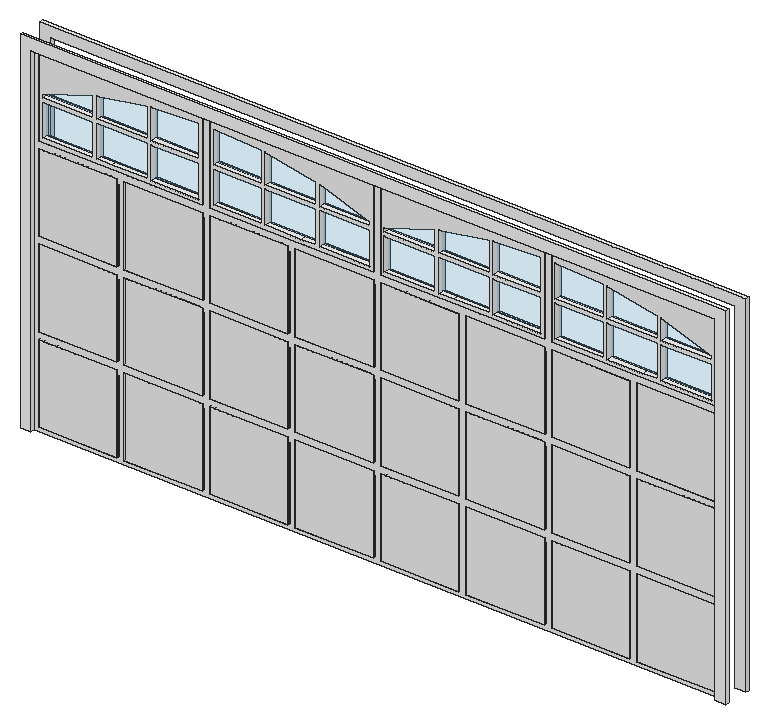
Revit family (continued)
Forms (in)
  Extrusion 164, solid, material "Paint - White"
    sketch origin (-72, 0, 6) x (1, 0, 0) y (0, 0, 1)
      loop
        line (95, 65) -> (73, 65) -> (73, 43) -> (95, 43) -> (95, 65)
    from 2 to 2.5
  Extrusion 165, solid, material "Paint - White"
    sketch origin (-72, -0.5, 6) x (-1, 0, 0) y (0, 0, 1)
      loop
        line (-94, 64) -> (-94, 44) -> (-90.75, 44) -> (-90.75, 64) -> (-94, 64)
      loop
        line (-89.75, 64) -> (-89.75, 44) -> (-86.5, 44) -> (-86.5, 64) -> (-89.75, 64)
      loop
        line (-85.5, 64) -> (-85.5, 44) -> (-82.25, 44) -> (-82.25, 64) -> (-85.5, 64)
      loop
        line (-81.25, 64) -> (-81.25, 44) -> (-78, 44) -> (-78, 64) -> (-81.25, 64)
      loop
        line (-77, 64) -> (-77, 44) -> (-73.87641, 44) -> (-73.87641, 64) -> (-77, 64)
    from 0 to 0.25
  Extrusion 166, solid, material "Paint - White"
    sketch origin (-48, 0, 6) x (1, 0, 0) y (0, 0, 1)
      loop
        line (95, 65) -> (73, 65) -> (73, 43) -> (95, 43) -> (95, 65)
    from 2 to 2.5
  Extrusion 167, solid, material "Paint - White"
    sketch origin (-48, 0, 6) x (1, 0, 0) y (0, 0, 1)
      loop
        line (95, 65) -> (73, 65) -> (73, 43) -> (95, 43) -> (95, 65)
    from 2 to 2.5
  Extrusion 168, solid, material "Paint - White"
    sketch origin (-48, 0, 6) x (1, 0, 0) y (0, 0, 1)
      loop
        line (95, 65) -> (73, 65) -> (73, 43) -> (95, 43) -> (95, 65)
    from 2 to 2.5
  Extrusion 169, solid, material "Paint - White"
    sketch origin (-48, 0, 6) x (1, 0, 0) y (0, 0, 1)
      loop
        line (95, 65) -> (73, 65) -> (73, 43) -> (95, 43) -> (95, 65)
    from 2 to 2.5
  Blend 170, solid, material "Paint - White"
    base sketch origin (-48, 0, 6) x (1, 0, 0) y (0, 0, 1)
      loop
        line (95, 65) -> (73, 65) -> (73, 43) -> (95, 43) -> (95, 65)
    top sketch origin (-48, 0, 6) x (1, 0, 0) y (0, 0, 1)
      loop
        line (94, 64) -> (73.87641, 64) -> (73.87641, 44) -> (94, 44) -> (94, 64)
    from 2 to 0.5
  Extrusion 171, solid, material "Paint - White"
    sketch origin (-48, 0, 6) x (1, 0, 0) y (0, 0, 1)
      loop
        line (95, 65) -> (73, 65) -> (73, 43) -> (95, 43) -> (95, 65)
    from 2 to 2.5
  Extrusion 172, solid, material "Paint - White"
    sketch origin (-48, -0.5, 6) x (-1, 0, 0) y (0, 0, 1)
      loop
        line (-94, 64) -> (-94, 44) -> (-90.75, 44) -> (-90.75, 64) -> (-94, 64)
      loop
        line (-89.75, 64) -> (-89.75, 44) -> (-86.5, 44) -> (-86.5, 64) -> (-89.75, 64)
      loop
        line (-85.5, 64) -> (-85.5, 44) -> (-82.25, 44) -> (-82.25, 64) -> (-85.5, 64)
      loop
        line (-81.25, 64) -> (-81.25, 44) -> (-78, 44) -> (-78, 64) -> (-81.25, 64)
      loop
        line (-77, 64) -> (-77, 44) -> (-73.87641, 44) -> (-73.87641, 64) -> (-77, 64)
    from 0 to 0.25
  Extrusion 173, solid, material "Paint - White"
    sketch origin (-24, 0, 6) x (1, 0, 0) y (0, 0, 1)
      loop
        line (95, 65) -> (73, 65) -> (73, 43) -> (95, 43) -> (95, 65)
    from 2 to 2.5
  Extrusion 174, solid, material "Paint - White"
    sketch origin (-24, 0, 6) x (1, 0, 0) y (0, 0, 1)
      loop
        line (95, 65) -> (73, 65) -> (73, 43) -> (95, 43) -> (95, 65)
    from 2 to 2.5
  Extrusion 175, solid, material "Paint - White"
    sketch origin (-24, 0, 6) x (1, 0, 0) y (0, 0, 1)
      loop
        line (95, 65) -> (73, 65) -> (73, 43) -> (95, 43) -> (95, 65)
    from 2 to 2.5
  Extrusion 176, solid, material "Paint - White"
    sketch origin (-24, 0, 6) x (1, 0, 0) y (0, 0, 1)
      loop
        line (95, 65) -> (73, 65) -> (73, 43) -> (95, 43) -> (95, 65)
    from 2 to 2.5
  Blend 177, solid, material "Paint - White"
    base sketch origin (-24, 0, 6) x (1, 0, 0) y (0, 0, 1)
      loop
        line (95, 65) -> (73, 65) -> (73, 43) -> (95, 43) -> (95, 65)
    top sketch origin (-24, 0, 6) x (1, 0, 0) y (0, 0, 1)
      loop
        line (94, 64) -> (73.87641, 64) -> (73.87641, 44) -> (94, 44) -> (94, 64)
    from 2 to 0.5
  Extrusion 178, solid, material "Paint - White"
    sketch origin (-24, 0, 6) x (1, 0, 0) y (0, 0, 1)
      loop
        line (95, 65) -> (73, 65) -> (73, 43) -> (95, 43) -> (95, 65)
    from 2 to 2.5
  Extrusion 179, solid, material "Paint - White"
    sketch origin (-24, -0.5, 6) x (-1, 0, 0) y (0, 0, 1)
      loop
        line (-94, 64) -> (-94, 44) -> (-90.75, 44) -> (-90.75, 64) -> (-94, 64)
      loop
        line (-89.75, 64) -> (-89.75, 44) -> (-86.5, 44) -> (-86.5, 64) -> (-89.75, 64)
      loop
        line (-85.5, 64) -> (-85.5, 44) -> (-82.25, 44) -> (-82.25, 64) -> (-85.5, 64)
      loop
        line (-81.25, 64) -> (-81.25, 44) -> (-78, 44) -> (-78, 64) -> (-81.25, 64)
      loop
        line (-77, 64) -> (-77, 44) -> (-73.87641, 44) -> (-73.87641, 64) -> (-77, 64)
    from 0 to 0.25
  Extrusion 180, solid, material "Paint - White"
    sketch origin (0, 0, 6) x (1, 0, 0) y (0, 0, 1)
      loop
        line (95, 65) -> (73, 65) -> (73, 43) -> (95, 43) -> (95, 65)
    from 2 to 2.5
  Extrusion 181, solid, material "Paint - White"
    sketch origin (0, 0, 6) x (1, 0, 0) y (0, 0, 1)
      loop
        line (95, 65) -> (73, 65) -> (73, 43) -> (95, 43) -> (95, 65)
    from 2 to 2.5
  Extrusion 182, solid, material "Paint - White"
    sketch origin (0, 0, 6) x (1, 0, 0) y (0, 0, 1)
      loop
        line (95, 65) -> (73, 65) -> (73, 43) -> (95, 43) -> (95, 65)
    from 2 to 2.5
  Extrusion 183, solid, material "Paint - White"
    sketch origin (0, 0, 6) x (1, 0, 0) y (0, 0, 1)
      loop
        line (95, 65) -> (73, 65) -> (73, 43) -> (95, 43) -> (95, 65)
    from 2 to 2.5
  Blend 184, solid, material "Paint - White"
    base sketch origin (0, 0, 6) x (1, 0, 0) y (0, 0, 1)
      loop
        line (95, 65) -> (73, 65) -> (73, 43) -> (95, 43) -> (95, 65)
    top sketch origin (0, 0, 6) x (1, 0, 0) y (0, 0, 1)
      loop
        line (94, 64) -> (73.87641, 64) -> (73.87641, 44) -> (94, 44) -> (94, 64)
    from 2 to 0.5
  Extrusion 185, solid, material "Paint - White"
    sketch origin (0, 0, 6) x (1, 0, 0) y (0, 0, 1)
      loop
        line (95, 65) -> (73, 65) -> (73, 43) -> (95, 43) -> (95, 65)
    from 2 to 2.5
  Extrusion 186, solid, material "Paint - White"
    sketch origin (0, -0.5, 6) x (-1, 0, 0) y (0, 0, 1)
      loop
        line (-94, 64) -> (-94, 44) -> (-90.75, 44) -> (-90.75, 64) -> (-94, 64)
      loop
        line (-89.75, 64) -> (-89.75, 44) -> (-86.5, 44) -> (-86.5, 64) -> (-89.75, 64)
      loop
        line (-85.5, 64) -> (-85.5, 44) -> (-82.25, 44) -> (-82.25, 64) -> (-85.5, 64)
      loop
        line (-81.25, 64) -> (-81.25, 44) -> (-78, 44) -> (-78, 64) -> (-81.25, 64)
      loop
        line (-77, 64) -> (-77, 44) -> (-73.87641, 44) -> (-73.87641, 64) -> (-77, 64)
    from 0 to 0.25
  Extrusion 187, solid, material "Glass"
    sketch origin (48, 0, -3) x (-1, 0, 0) y (0, 0, -1)
      loop
        line (94, -77) -> (80.5, -77) -> (80.5, -86.125) -> (94, -86.125) -> (94, -77)
      loop
        line (64.25, -77) -> (50, -77) -> (50, -86.125) -> (64.25, -86.125) -> (64.25, -77)
      loop
        line (79.5, -77) -> (65.25, -77) -> (65.25, -86.125) -> (79.5, -86.125) -> (79.5, -77)
      loop
        line (94, -87.125) -> (80.5, -87.125) -> (80.5, -95.68219)
        arc (80.5, -95.68219) -> (87.24144, -96.16961) -> (94, -96.25) r 112.13859
        line (94, -96.25) -> (94, -87.125)
      loop
        line (64.25, -87.125) -> (50, -87.125) -> (50, -88.125)
        arc (50, -88.125) -> (57.04689, -90.6973) -> (64.25, -92.79269) r 112.13859
        line (64.25, -92.79269) -> (64.25, -87.125)
      loop
        line (79.5, -87.125) -> (65.25, -87.125) -> (65.25, -93.04276)
        arc (65.25, -93.04276) -> (72.3341, -94.53901) -> (79.5, -95.57498) r 112.13859
        line (79.5, -95.57498) -> (79.5, -87.125)
    from 1 to 1.25
  Extrusion 188, solid, material "Glass"
    sketch origin (-48, 0, -3) x (1, 0, 0) y (0, 0, 1)
      loop
        line (94, 77) -> (94, 86.125) -> (80.5, 86.125) -> (80.5, 77) -> (94, 77)
      loop
        line (64.25, 77) -> (64.25, 86.125) -> (50, 86.125) -> (50, 77) -> (64.25, 77)
      loop
        line (79.5, 77) -> (79.5, 86.125) -> (65.25, 86.125) -> (65.25, 77) -> (79.5, 77)
      loop
        line (94, 87.125) -> (94, 96.25)
        arc (94, 96.25) -> (87.24144, 96.16961) -> (80.5, 95.68219) r 112.13859
        line (80.5, 95.68219) -> (80.5, 87.125) -> (94, 87.125)
      loop
        line (64.25, 87.125) -> (64.25, 92.79269)
        arc (64.25, 92.79269) -> (57.04689, 90.6973) -> (50, 88.125) r 112.13859
        line (50, 88.125) -> (50, 87.125) -> (64.25, 87.125)
      loop
        line (79.5, 87.125) -> (79.5, 95.57498)
        arc (79.5, 95.57498) -> (72.3341, 94.53901) -> (65.25, 93.04276) r 112.13859
        line (65.25, 93.04276) -> (65.25, 87.125) -> (79.5, 87.125)
    from 1 to 1.25
  Extrusion 189, solid, material "Glass"
    sketch origin (144, 0, -3) x (-1, 0, 0) y (0, 0, -1)
      loop
        line (94, -77) -> (80.5, -77) -> (80.5, -86.125) -> (94, -86.125) -> (94, -77)
      loop
        line (64.25, -77) -> (50, -77) -> (50, -86.125) -> (64.25, -86.125) -> (64.25, -77)
      loop
        line (79.5, -77) -> (65.25, -77) -> (65.25, -86.125) -> (79.5, -86.125) -> (79.5, -77)
      loop
        line (94, -87.125) -> (80.5, -87.125) -> (80.5, -95.68219)
        arc (80.5, -95.68219) -> (87.24144, -96.16961) -> (94, -96.25) r 112.13859
        line (94, -96.25) -> (94, -87.125)
      loop
        line (64.25, -87.125) -> (50, -87.125) -> (50, -88.125)
        arc (50, -88.125) -> (57.04689, -90.6973) -> (64.25, -92.79269) r 112.13859
        line (64.25, -92.79269) -> (64.25, -87.125)
      loop
        line (79.5, -87.125) -> (65.25, -87.125) -> (65.25, -93.04276)
        arc (65.25, -93.04276) -> (72.3341, -94.53901) -> (79.5, -95.57498) r 112.13859
        line (79.5, -95.57498) -> (79.5, -87.125)
    from 1 to 1.25
Lines and regions (in)
  Opening 1
    outline origin (-90, -3, 0) x (1, 0, 0) y (0, 0, 1)
      loop
        line (-6, 0) -> (186, 0) -> (186, 96) -> (-6, 96) -> (-6, 0)
Text (in)
  text "Exterior" at (-58.67754, 27.31104, 0), in view "Ref. Level"
  text "Interior" at (-58.34764, -25.14366, 0), in view "Ref. Level"
  text "Exterior" at (0, 40.15149, 123.01588), in view "Right"
  text "Interior" at (0, -64.39139, 123.01588), in view "Right"
  text "Interior" at (0, -31.01599, 123.00693), in view "Left"
  text "Exterior" at (0, 54.57065, 123.00693), in view "Left"
